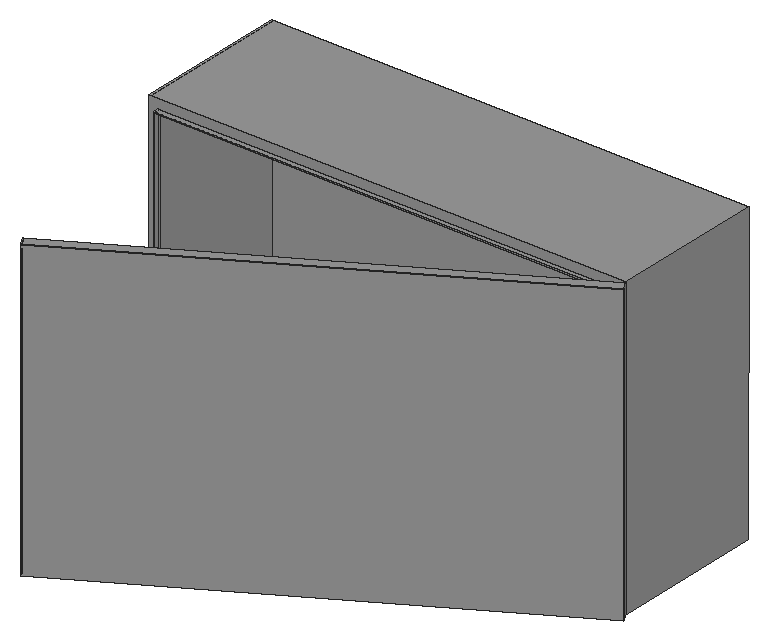
Revit family "Hager-Univers-IP55-D275-H500-Cl.II-Steel_encl-NoHosted-DE-de", category Equipement électrique, Revit 2020
Family settings
  Configuration du panneau = Deux colonnes, circuits au sein
  Cote de connecteur circulaire = Utiliser le diamètre
  Type d'élément = Tableau de raccordement
  Basée sur le plan de construction = Oui
  Toujours verticalement = Oui
  Couper avec des vides une fois chargée = Non
  Partagée = Non
  Point de calcul de pièce = Non
Parameters (values of type "Aufputz IP55 B800 H500 T275  - FR33S")
  Width Control [instance] = if([EF000008 - Breite] > Min Width, [EF000008 - Breite], Min Width)  # 800 mm
  Commentaires du type = [HG000003 - Bereich]  # "Univers"
  Thickness Door [instance] = if([EF009171 - Materialstärke Tür/Deckel] > 3 mm, 3 mm, [EF009171 - Materialstärke Tür/Deckel])  # 1.5 mm
  Seal Frame Offset [instance] = 17 mm  # constant formula
  Plinth Visibility [instance] = [HG000027 - Sockelhöhe] > 0 mm  # no
  Min Width [instance] = 100 mm  # constant formula
  Min Depth [instance] = (2 * [EF009170 - Materialstärke Gehäuse]) + 1 mm  # 4 mm
  Min Height [instance] = 100 mm  # constant formula
  Internal Frame Depth [instance] = (Door System Depth * 0.5)  # 9 mm
  Panel Name [instance] = ""  # (empty or 0)
  Model = ""
  HG000027 - Sockelhöhe = 0 mm
  HG000026 - Stehend auf dem Boden = no
  HG000024 - Höhe des unteren Teils = 600 mm
  HG000023 - Gehäuse mit doppeltem Querschnitt = no
  HG000016 - 3D-Türsichtbarkeit [instance] = yes
  HG000015 - Sichtbarkeit der Türöffnung [instance] = no
  HG000014 - Tür rechts [instance] = yes
  HG000013 - Tür links [instance] = not([HG000014 - Tür rechts])  # no
  HG000012 - Türschwenkwinkel [instance] = 30.00°
  HG000010 - Asymmetrische Türen = no
  HG000009 - Doppelflügeligen Tür = no
  HG000006 - Unterputz = no
  HG000004 - Herstellerreferenz = "FR33S"
  HG000003 - Bereich = "Univers"
  HG000002 - Mit tür = yes
  Frame Offset Bottom [instance] = 10 mm  # constant formula
  Frame Offset [instance] = 15 mm  # constant formula
  EF015940 - Deckel mit Überdruckentlastung = no
  EF011959 - Schutzart (NEMA) = ""
  EF009554 - Anzahl der Öffnungen für Flanschplatten = 6
  EF009212 - Ausführung Deckel = "EV000116 - geschlossen"
  EF009171 - Materialstärke Tür/Deckel = 1.5 mm
  EF009170 - Materialstärke Gehäuse = 1.5 mm
  EF008873 - Nennstrom (In) = 800 A
  EF007800 - Geeignet für Blitzschutz = no
  EF006306 - Mit Schloss = no
  EF006244 - Transparenter Deckel/Tür = no
  EF005474 - Schutzart (IP) = "EV006420 - IP55"
  EF004464 - Art der Tür = "EV002646 - Einzel"
  EF004427 - Anzahl der Module = 108
  EF004293 - Schlagfestigkeit = "EV008784 - IK10"
  EF003532 - Geeignet für Außengebrauch = no
  EF002950 - Breite in Teilungseinheiten = 24
  EF001613 - Funktionserhalt = "EV000494 - ohne"
  EF001596 - Werkstoff des Gehäuses = "EV000179 - Stahl"
  EF001131 - Innentiefe = 275 mm
  EF001088 - Anbaumöglichkeit = yes
  EF000437 - Anzahl der Leitungseinführungen = 6
  EF000339 - Art der Abdeckung = "EV004216 - Tür"
  EF000266 - Anzahl der Reihen = 3
  EF000218 - Einbautiefe = 0 mm
  EF000118 - Mit Montageplatte = no
  EF000116 - RAL-Nummer = "7035"
  EF000049 - Tiefe = 275 mm
  EF000040 - Höhe = 500 mm
  EF000008 - Breite = 800 mm
  EF000007 - Farbe = "EV000270 - grau"
  EF000003 - Montageart = "EV000384 - Aufputz"
  Door System Leaf Tolerance [instance] = 1.5 mm  # constant formula
  Door System Depth [instance] = 18 mm  # constant formula
  Door Height [instance] = Height Control - [HG000027 - Sockelhöhe]  # 500 mm
  Description = ""
  Default Elevation = 1219.2 mm
  Connector Offset [instance] = Height Control / 2  # 250 mm
  Fabricant = "Hager"  # constant formula
  Height Control [instance] = if([EF000040 - Höhe] > Min Height, [EF000040 - Höhe], Min Height)  # 500 mm
  Depth Control [instance] = if([EF000049 - Tiefe] > Min Depth, [EF000049 - Tiefe], Min Depth)  # 275 mm
  Bottom Top Plate Trim [instance] = 1.5 mm  # constant formula
  Plinth height Ctrl [instance] = if([HG000027 - Sockelhöhe] > 0 mm, [HG000027 - Sockelhöhe], 12 mm)  # 12 mm
Types (5, lengths in mm): name | Width Control | HG000010 - Asymmetrische Türen | HG000009 - Doppelflügeligen Tür | HG000004 - Herstellerreferenz | EF009554 - Anzahl der Öffnungen für Flanschplatten | EF004464 - Art der Tür | EF004427 - Anzahl der Module | EF000437 - Anzahl der Leitungseinführungen | EF000008 - Breite
  Aufputz IP55 B1050 H500 T275  - FR34S | 1050 | no | yes | "FR34S" | 8 | "EV003602 - Doppel" | 144 | 8 | 1050
  Aufputz IP55 B1300 H500 T275  - FR35S | 1300 | yes | yes | "FR35S" | 10 | "EV003602 - Doppel" | 180 | 10 | 1300
  Aufputz IP55 B300 H500 T275  - FR31S | 300 | no | no | "FR31S" | 2 | "EV002646 - Einzel" | 36 | 2 | 300
  Aufputz IP55 B550 H500 T275  - FR32S | 550 | no | no | "FR32S" | 4 | "EV002646 - Einzel" | 72 | 4 | 550
  Aufputz IP55 B800 H500 T275  - FR33S | 800 | no | no | "FR33S" | 6 | "EV002646 - Einzel" | 108 | 6 | 800
Reference planes
  plane 1 "Center (Front/Back)": y = 0
  plane 2: z = 0
  plane 3 "Center (Left/Right)": x = 0
  plane 4: y = 0
  plane 5: y = 0
  plane 6: z = 0
  plane 7: x = -400
  plane 8: x = 400
  plane 9: x = 398.5
  plane 10: x = -398.5
  plane 11: z = 0
  plane 12: z = 1.5
  plane 13: y = -275
  plane 14: y = -1.5
  plane 15: x = 0
  plane 16: y = -257
  plane 17: y = -273.5
  plane 18: y = -255.5
  plane 19: x = -383.5
  plane 20: x = 383.5
  plane 21: z = 11.5
  plane 22: x = -383
  plane 23: x = 383
  plane 24: z = 0
  plane 25: z = 500
  plane 26: z = 500
  plane 27: z = 483.5
  plane 28: z = 498.5
Forms (mm)
  Extrusion 1, solid, material "Hager_Steel_RAL7035_Light_Grey", detail levels medium+fine
    sketch origin (-208.679, -4572, 0) x (-1, 0, 0) y (0, -1, 0)
      loop
        line (191.321, -4315) -> (-608.679, -4315) -> (-608.679, -4572) -> (191.321, -4572) -> (191.321, -4315)
    from 0 to 500
  Extrusion 2, void
    sketch origin (-350.771, -275, 1219.2) x (1, 0, 0) y (0, 0, 1)
      loop
        line (-47.729, -720.7) -> (-47.729, -1217.7) -> (749.271, -1217.7) -> (749.271, -720.7) -> (-47.729, -720.7)
    from -19.5 to -273.5
  Extrusion 3, void
    sketch origin (-290.084, -257, 1219.2) x (1, 0, 0) y (0, 0, 1)
      loop
        line (-93.416, -1207.7) -> (673.584, -1207.7) -> (673.584, -735.7) -> (-93.416, -735.7) -> (-93.416, -1207.7)
    from 0 to -1.5
  Extrusion 4, solid, material "Hager_Steel_RAL7035_Light_Grey", visible <- "Plinth Visibility", detail levels medium+fine
    sketch origin (0, 0, 0) x (1, 0, 0) y (0, 1, 0)
      loop
        line (-400, 0) -> (-400, -257) -> (400, -257) -> (400, 0) -> (-400, 0)
    from 0 to 12 <- "Plinth height Ctrl"
  Extrusion 5, solid, material "Hager_Steel_RAL7035_Light_Grey", detail levels coarse
    sketch origin (0, 0, 0) x (1, 0, 0) y (0, 1, 0)
      loop
        line (-400, 0) -> (-400, -275) -> (400, -275) -> (400, 0) -> (-400, 0)
    from 0 to 500 <- "Height Control"
  Sweep 6, void
    path in 3D
      loop
        line (-400, -257, 12) -> (400, -257, 12) -> (400, 0, 12) -> (-400, 0, 12) -> (-400, -257, 12)
    profile origin (-400, -128.5, 12) x (1, 0, 0) y (0, 0, 1)
      loop
        line (0, 0) -> (0, -1.5) -> (1.5, -1.5)
        arc (1.5, -1.5) -> (1.061, -0.439) -> (0, 0) r 1.5
  Extrusion 7, solid, material "Hager_Steel_RAL7035_Light_Grey", detail levels fine
    sketch origin (-400, -257, 0) x (1, 0, 0) y (0, 0, 1)
      loop
        line (16.5, 11.5) -> (783.5, 11.5) -> (783.5, 483.5) -> (16.5, 483.5) -> (16.5, 11.5)
      loop
        line (15, 10) -> (785, 10) -> (785, 485) -> (15, 485) -> (15, 10)
    from 0 to 9 <- "Internal Frame Depth"
Cuts and joins
  Extrusion 2, Extrusion 3 cuts Extrusion 1
  Sweep 6 cuts Extrusion 4
Lines and regions (mm)
  Masking region 1
    outline origin (0, 0, 0) x (1, 0, 0) y (0, 1, 0)
      loop
        line (-400, 0) -> (-400, -275) -> (400, -275) -> (400, 0) -> (-400, 0)
  Masking region 2, detail levels coarse
    outline origin (-290.084, -257, 1219.2) x (-1, 0, 0) y (0, 0, 1)
      loop
        line (-690.084, -1219.2) -> (109.916, -1219.2) -> (109.916, -719.2) -> (-690.084, -719.2) -> (-690.084, -1219.2)
  Masking region 3, detail levels coarse
    outline origin (0, 0, 0) x (0, 1, 0) y (0, 0, 1)
      loop
        line (0, 0) -> (0, 500) -> (-275, 500) -> (-275, 0) -> (0, 0)
  Masking region 4, visible <- "Plinth Visibility", detail levels medium+fine
    outline origin (0, 0, 0) x (0, 1, 0) y (0, 0, 1)
      loop
        line (-1.5, 12) -> (-255.5, 12)
        arc (-255.5, 12) -> (-255.939, 10.939) -> (-257, 10.5) r 1.5
        line (-257, 10.5) -> (-257, 0) -> (0, 0) -> (0, 10.5)
        arc (0, 10.5) -> (-1.061, 10.939) -> (-1.5, 12) r 1.5
  Masking region 5, detail levels medium+fine
    outline origin (0, 0, 594.038) x (0, 1, 0) y (0, 0, 1)
      loop
        line (0, -594.038) -> (0, -94.038) -> (-257, -94.038) -> (-257, -594.038) -> (0, -594.038)
  Masking region 6, detail levels medium+fine
    outline origin (-359.7, -257, 1211.883) x (-1, 0, 0) y (0, 0, 1)
      loop
        line (-759.7, -1211.883) -> (40.3, -1211.883) -> (40.3, -711.883) -> (-759.7, -711.883) -> (-759.7, -1211.883)
  Masking region 7, visible <- "Plinth Visibility", detail levels medium+fine
    outline origin (-320.334, -257, 1041.368) x (-1, 0, 0) y (0, 0, 1)
      loop
        line (-720.334, -1041.368) -> (79.666, -1041.368) -> (79.666, -1030.868)
        arc (79.666, -1030.868) -> (78.606, -1030.429) -> (78.166, -1029.368) r 1.5
        line (78.166, -1029.368) -> (-718.834, -1029.368)
        arc (-718.834, -1029.368) -> (-719.273, -1030.429) -> (-720.334, -1030.868) r 1.5
        line (-720.334, -1030.868) -> (-720.334, -1041.368)
  sketch lines
    curve 1: line (-400, 0, 12) -> (-400, -257, 12)
    curve 2: line (-400, -257, 12) -> (400, -257, 12)
    curve 3: line (400, 0, 12) -> (-400, 0, 12)
    curve 4: line (400, -257, 12) -> (400, 0, 12)
Dimensions and locks
  locked: plane 1 "Center (Front/Back)" to plane 5
  "EF009170 - Materialstärke Gehäuse": plane 7 to plane 10
  "EF009170 - Materialstärke Gehäuse": plane 8 to plane 9
  equal spacing: plane 7, plane 3 "Center (Left/Right)", plane 8
  "Width Control": plane 7 to plane 8
  "Depth Control": plane 4 to plane 13
  "EF009170 - Materialstärke Gehäuse": plane 4 to plane 14
  "Height Control": plane 25 to level
  "HG000027 - Sockelhöhe": plane 11 to level
  "EF009170 - Materialstärke Gehäuse": plane 12 to plane 11
  "EF009170 - Materialstärke Gehäuse": plane 17 to plane 13
  "EF009170 - Materialstärke Gehäuse": plane 18 to plane 16
  "Frame Offset Bottom": plane 21 to plane 12
  "Frame Offset": plane 10 to plane 19
  "Frame Offset": plane 9 to plane 20
  "Door System Depth": plane 16 to plane 13
  "Seal Frame Offset": plane 7 to plane 22
  "Seal Frame Offset": plane 8 to plane 23
  "EF009170 - Materialstärke Gehäuse": plane 26 to plane 28
  "Frame Offset": plane 28 to plane 27
  "Connector Offset": plane 2 to connector elem
  "Bottom Top Plate Trim": profile plane to Sweep 6 sketch curve
  "Bottom Top Plate Trim": Sweep 6 sketch curve to Sweep 6 sketch curve
  "Plinth height Ctrl": Masking region 4 sketch curve to level
  "Plinth height Ctrl": Masking region 7 sketch curve to level
  "Thickness Door": Extrusion 7 sketch curve to Extrusion 7 sketch curve  (x4)
  "Bottom Top Plate Trim": radius of Sweep 6 sketch curve
  "Bottom Top Plate Trim": radius of Masking region 4 sketch curve  (x2)
  "Bottom Top Plate Trim": radius of Masking region 7 sketch curve  (x2)
  aligned and locked: Extrusion 2 sketch curve to plane 12
  aligned and locked: Extrusion 2 sketch curve to plane 9
  aligned and locked: Extrusion 2 sketch curve to plane 10
  aligned and locked: Extrusion 2 to plane 14
  aligned and locked: Extrusion 1 sketch curve to plane 4
  aligned and locked: plane 8 to Extrusion 1 sketch curve
  aligned and locked: plane 7 to Extrusion 1 sketch curve
  aligned and locked: Extrusion 2 to plane 18
  aligned and locked: plane 19 to Extrusion 3 sketch curve
  aligned and locked: plane 20 to Extrusion 3 sketch curve
  aligned and locked: Extrusion 3 to Extrusion 2
  aligned and locked: Extrusion 3 sketch curve to plane 21
  aligned and locked: plane 3 "Center (Left/Right)" to nested 1
  aligned and locked: Extrusion 1 sketch curve to plane 16
  aligned and locked: Extrusion 4 sketch curve to cut or joined group of Extrusion 1, Extrusion 2, Extrusion 3
  aligned and locked: Masking region 1 sketch curve to plane 7
  aligned and locked: Masking region 1 sketch curve to plane 5
  aligned and locked: Masking region 1 sketch curve to plane 8
  aligned and locked: Masking region 2 sketch curve to level
  aligned and locked: level to Masking region 3 sketch curve
  aligned and locked: plane 1 "Center (Front/Back)" to Masking region 3 sketch curve
  aligned and locked: plane 13 to Masking region 3 sketch curve
  aligned and locked: plane 5 to Masking region 4 sketch curve
  aligned and locked: Masking region 2 sketch curve to plane 8
  aligned and locked: Masking region 2 sketch curve to plane 7
  aligned and locked: plane 7 to nested 2
  aligned and locked: nested 2 to plane 5
  aligned and locked: plane 5 to Masking region 5 sketch curve
  aligned and locked: plane 26 to Masking region 5 sketch curve
  aligned and locked: Extrusion 5 sketch curve to plane 8
  aligned and locked: Extrusion 5 sketch curve to plane 7
  aligned and locked: Extrusion 5 sketch curve to plane 5
  aligned and locked: Extrusion 3 sketch curve to plane 27
  aligned and locked: Extrusion 2 sketch curve to plane 28
  aligned and locked: Masking region 2 to plane 25
  aligned and locked: Extrusion 4 to plane 16
  aligned and locked: profile plane to Sweep 6 sketch curve
  aligned and locked: Masking region 5 sketch curve to plane 24
  aligned and locked: level to Masking region 4 sketch curve
  aligned and locked: Masking region 1 to plane 13
  aligned and locked: nested 1 to plane 16
  aligned and locked: Masking region 3 to plane 25
  aligned and locked: plane 16 to Masking region 4 sketch curve
  aligned and locked: Masking region 5 sketch curve to plane 16
  aligned and locked: plane 24 to plane 11
  aligned and locked: plane 26 to plane 25
  aligned and locked: plane 26 to cut or joined group of Extrusion 1, Extrusion 2, Extrusion 3
  aligned and locked: nested 1 to plane 24
  aligned and locked: Extrusion 1 to Extrusion 3
  aligned and locked: Masking region 6 sketch curve to plane 8
  aligned and locked: Masking region 6 sketch curve to plane 24
  aligned and locked: Masking region 6 sketch curve to plane 7
  aligned and locked: Masking region 6 sketch curve to plane 26
  aligned and locked: Masking region 7 sketch curve to plane 7
  aligned and locked: level to Masking region 7 sketch curve
  aligned and locked: Masking region 7 sketch curve to plane 8
  aligned and locked: Extrusion 7 sketch curve to cut or joined group of Extrusion 1, Extrusion 2, Extrusion 3  (x4)
Automatic sketch dimensions
  plane 19 to Extrusion 3 sketch curve = 0 mm
  Extrusion 3 sketch curve to plane 20 = 0 mm
  Extrusion 3 sketch curve to plane 21 = 0 mm
  Extrusion 4 sketch curve to plane 7 = 0 mm
  Extrusion 4 sketch curve to plane 8 = 0 mm
  Extrusion 4 sketch curve to plane 16 = 0 mm
  Masking region 1 sketch curve to plane 13 = 0 mm
  Masking region 2 sketch curve to plane 25 = 0 mm
  Masking region 3 sketch curve to plane 25 = 0 mm
  Extrusion 5 sketch curve to plane 13 = 0 mm
  profile plane to Sweep 6 sketch curve = 0 mm
Nested families
  nested 1: "EC000058_Univers_Door" at (0, -257, 0), Double <- "HG000009 - Doppelflügeligen Tür", Transparent <- "EF006244 - Transparenter Deckel/Tür", Angle <- "HG000012 - Türschwenkwinkel", Door_Right <- "HG000014 - Tür rechts", Assymetrical <- "HG000010 - Asymmetrische Türen", Door <- "HG000002 - Mit tür", Width_Ctrl <- "Width Control", 3d_Door <- "HG000016 - 3D-Türsichtbarkeit", Clearance <- "HG000015 - Sichtbarkeit der Türöffnung", Door_Left <- "HG000013 - Tür links", Width <- "Width Control", Door_Depth <- "Door System Depth", Leaf_Tolerance <- "Door System Leaf Tolerance", Height <- "Door Height", Lock_Visibility <- "EF006306 - Mit Schloss", Thickness <- "Thickness Door", type "EC000058_Univers_Door", detail levels medium+fine
    with min_wh 4 mm, Width_Ctrl 800 mm, Width 800 mm, Transparent no, Thickness 1.5 mm, Seal_Material Hager_Rubber, Lock_Visibility no, Lock_Material Hager_Plastic_RAL9005_Jet_Black, Leaf_Width 800 mm, Leaf_Tolerance_External_Sides 0 mm, Leaf_Tolerance 1.5 mm, Leaf_Offset 0 mm, Leaf_Height 497 mm, Leaf_2_Width 800 mm, Leaf_2_Offset 400 mm, Leaf_1_Width 800 mm, Leaf_1_Offset 400 mm, Height_Ctrl 500 mm, Height 500 mm, Glass_Material Hager_Glass, Double_Clearance_Ctrl no, Double no, Door_Right_Ctrl yes, Door_Right yes, Door_Material Hager_Steel_RAL7035_Light_Grey, Door_Left_Ctrl no, Door_Left no, Door_Depth 18 mm, Door yes, Clearance_Material Hager_Clearance, Clearance_Depth 800 mm, Clearance_Ctrl no, Clearance no, Assymetrical no, Angle 30.00°, 3d_Door yes
  nested 2: "Hager_Enclosure_Symbol" at (-400, 0, 0), Height <- "Depth Control", Width <- "Width Control", type "Hager_Enclosure_Symbol"
    with Width_Ctrl 800 mm, Width 800 mm, Height_Ctrl 275 mm, Height 275 mm, A_Width_Int 18.047 mm, A_Width 216.562 mm, A_Height_Ctrl 240.625 mm, A_Height 240.625 mm
Connectors
  electrical at (0, 0, 250)
    settings: on plane 1 "Center (Front/Back)", index 1, voltage 0 V, apparent load 0 VA, apparent load phase1 0 VA, apparent load phase2 0 VA, apparent load phase3 0 VA, power factor 1, load classification "Other", number of poles 1, system type 30, power factor state 1, is connector primary yes, connector utility no, sub classification motor no, connector description ""
Definition of nested family "EC000058_Univers_Door"
  Parameters (values of type "EC000058_Univers_Door")
    min_wh [instance] = (2 * Thickness) + 1 mm  # 11 mm
    Width_Ctrl [instance] = 400 mm
    Width [instance] = 500 mm
    Transparent [instance] = yes
    Thickness [instance] = 5 mm
    Seal_Material [instance] = none
    Lock_Visibility [instance] = yes
    Lock_Material [instance] = none
    Leaf_Width [instance] = if((Width_Ctrl - 2 * Leaf_Tolerance_External_Sides) > 0 mm, (Width_Ctrl - 2 * Leaf_Tolerance_External_Sides), min_wh)  # 400 mm
    Leaf_Tolerance_External_Sides [instance] = 0 mm  # constant formula
    Leaf_Tolerance [instance] = 1.5 mm
    Leaf_Offset [instance] = 0 mm  # constant formula
    Leaf_Height [instance] = if((Height_Ctrl - 2 * Leaf_Tolerance) > 0 mm, (Height_Ctrl - 2 * Leaf_Tolerance), min_wh)  # 497 mm
    Leaf_2_Width [instance] = if(and(and(Double, Assymetrical), Door_Left), (Leaf_Width / 3) - (Leaf_Tolerance / 2), if(and(and(Double, Assymetrical), Door_Right), (Leaf_Width / 3) * 2 - (Leaf_Tolerance / 2), if(and(Double, not(Assymetrical)), (Leaf_Width / 2) - Leaf_Tolerance, Leaf_Width)))  # 400 mm
    Leaf_2_Offset [instance] = if(and(Double, Assymetrical), Leaf_2_Width / 2, if(and(Double, not(Assymetrical)), Leaf_Width / 4, Leaf_Width / 2))  # 200 mm
    Leaf_1_Width [instance] = if(and(and(Double, Assymetrical), Door_Right), (Leaf_Width / 3) - (Leaf_Tolerance / 2), if(and(and(Double, Assymetrical), Door_Left), (Width / 3) * 2 - (Leaf_Tolerance / 2), if(and(Double, not(Assymetrical)), (Leaf_Width / 2) - Leaf_Tolerance, Leaf_Width)))  # 400 mm
    Leaf_1_Offset [instance] = if(and(Double, Assymetrical), Leaf_1_Width / 2, if(and(Double, not(Assymetrical)), Leaf_Width / 4, Leaf_Width / 2))  # 200 mm
    Height_Ctrl [instance] = if(Height > min_wh, Height, min_wh)  # 500 mm
    Height [instance] = 500 mm
    Glass_Material [instance] = none
    Double_Clearance_Ctrl [instance] = and(Double, Clearance)  # no
    Double [instance] = no
    Door_Right_Ctrl [instance] = and(or(Door_Right, Double), Door)  # yes
    Door_Right [instance] = yes
    Door_Material [instance] = none
    Door_Left_Ctrl [instance] = and(or(Door_Left, Double), Door)  # no
    Door_Left [instance] = no
    Door_Depth [instance] = 30 mm
    Door [instance] = yes
    Default Elevation = 1219.2 mm
    Clearance_Material [instance] = none
    Clearance_Depth [instance] = if(Leaf_1_Width > Leaf_2_Width, Leaf_1_Width, Leaf_2_Width)  # 400 mm
    Clearance_Ctrl [instance] = and(not(Double), Clearance)  # yes
    Clearance [instance] = yes
    Assymetrical [instance] = yes
    Angle [instance] = 30.00°
    3d_Door [instance] = yes
  Reference planes
    plane 1 "Center (Front/Back)": y = 0
    plane 2 "Bottom": z = 0
    plane 3 "Center (Left/Right)": x = 0
    plane 4: z = 500
    plane 5: x = -200
    plane 6: x = 200
    plane 7: z = 500
    plane 8: x = -200
    plane 9: z = 0
    plane 10: x = 200
    plane 11: y = 0
    plane 12: z = 1.5
    plane 13: x = -600
    plane 14: y = -400
    plane 15: x = 600
    plane 16: x = 0
    plane 17: x = 0
    plane 18: x = -200
    plane 19: x = 200
    plane 20: z = 498.5
  Forms (mm)
    Extrusion 1, solid, material <- "Clearance_Material", visible <- "Double_Clearance_Ctrl"
      sketch origin (1200, 0, 0) x (1, 0, 0) y (0, 0, -1)
        loop
          line (-1800, -498.5) -> (-600, -498.5) -> (-600, 0) -> (-1800, 0) -> (-1800, -498.5)
      from 0 to -400
  Dimensions and locks
    equal spacing: plane 5, plane 3 "Center (Left/Right)", plane 6
    "Width_Ctrl": plane 5 to plane 6
    "Leaf_Offset": plane 5 to plane 8
    "Leaf_Offset": plane 6 to plane 10
    "Leaf_Offset": plane 9 to level
    "Leaf_Offset": plane 4 to plane 7
    "Height_Ctrl": plane 4 to level
    "Leaf_Tolerance": plane 12 to plane 9
    locked: plane 11 to plane 1 "Center (Front/Back)"
    "Leaf_1_Offset": plane 18 to plane 16
    "Leaf_2_Offset": plane 17 to plane 19
    "Leaf_1_Width": plane 13 to plane 8
    "Leaf_2_Width": plane 10 to plane 15
    "Clearance_Depth": plane 14 to plane 1 "Center (Front/Back)"
    "Leaf_Tolerance_External_Sides": plane 8 to plane 18
    "Leaf_Tolerance_External_Sides": plane 19 to plane 10
    "Leaf_Tolerance": plane 7 to plane 20
    aligned and locked: level to plane 2 "Bottom"
    aligned and locked: nested 1 to plane 16
    aligned and locked: nested 2 to plane 17
    aligned and locked: Extrusion 1 to plane 13
    aligned and locked: plane 15 to Extrusion 1
    aligned and locked: Extrusion 1 to plane 14
    aligned and locked: plane 12 to nested 1
    aligned and locked: nested 2 to plane 12
    aligned and locked: Extrusion 1 to plane 11
    aligned and locked: plane 20 to Extrusion 1
    aligned and locked: nested 2 to plane 11
    aligned and locked: nested 1 to plane 11
  Automatic sketch dimensions
    Extrusion 1 sketch curve to level = 0 mm
    plane 5 to Extrusion 1 sketch curve = 400 mm
    plane 6 to Extrusion 1 sketch curve = 400 mm
    Extrusion 1 sketch curve to plane 4 = 1.5 mm
  Nested families
    nested 1: "EC000058_Univers_Door_Leaf" at (0, 0, 1.5), Width <- "Leaf_1_Width", visible <- "Door_Left_Ctrl", Leaf_Height <- "Leaf_Height", Angle <- "Angle", 3d_Door <- "3d_Door", Transparent <- "Transparent", Clearance Material <- "Clearance_Material", Clearance <- "Clearance_Ctrl", Door_Material <- "Door_Material", Glass_Material <- "Glass_Material", Door_Depth <- "Door_Depth", Lock_Material <- "Lock_Material", Seal_Material <- "Seal_Material", Lock_Visibility <- "Lock_Visibility", Thickness <- "Thickness", type "EC000058_Univers_Door_Leaf"
      with Width 400 mm, Transparent_Glass_Offset 30 mm, Transparent_Ctrl yes, Transparent yes, Thickness 5 mm, Standard no, Seal_Material none, Seal_D2 8 mm, Seal_D1 1 mm, Offset_Internal_Frame 10 mm, Lock_Width 20 mm, Lock_Visibility_3d yes, Lock_Visibility yes, Lock_Thickness_3 3 mm, Lock_Thickness_2 1 mm, Lock_Thickness_1 3 mm, Lock_Radius_Offset_2 16 mm, Lock_Radius_Offset_1 15 mm, Lock_Radius_2 5 mm, Lock_Radius 6 mm, Lock_Offset 5 mm, Lock_Material none, Lock_Height 80 mm, Lock_Cover_Top_Offset_2d 17 mm, Lock_Cover_Height -65 mm, Leaf_Height 497 mm, Internal_Seal_Thickness 8 mm, Internal_Seal_Depth_2 4.5 mm, Internal_Frame_Depth 25 mm, Glass_Thickness -1 mm, Glass_Offset -2 mm, Glass_Material none, Door_Material none, Door_Depth 30 mm, Clearance Material none, Clearance yes, Angle_Ctrl 30.00°, Angle 30.00°, 3d_Door yes
    nested 2: "EC000058_Univers_Door_Leaf" at (0, 0, 1.5) x (-1, 0, 0) z (0, 0, 1), Width <- "Leaf_2_Width", visible <- "Door_Right_Ctrl", Leaf_Height <- "Leaf_Height", Angle <- "Angle", 3d_Door <- "3d_Door", Transparent <- "Transparent", Clearance Material <- "Clearance_Material", Clearance <- "Clearance_Ctrl", Door_Material <- "Door_Material", Glass_Material <- "Glass_Material", Door_Depth <- "Door_Depth", Lock_Material <- "Lock_Material", Seal_Material <- "Seal_Material", Lock_Visibility <- "Lock_Visibility", Thickness <- "Thickness", type "EC000058_Univers_Door_Leaf"
      with Width 400 mm, Transparent_Glass_Offset 30 mm, Transparent_Ctrl yes, Transparent yes, Thickness 5 mm, Standard no, Seal_Material none, Seal_D2 8 mm, Seal_D1 1 mm, Offset_Internal_Frame 10 mm, Lock_Width 20 mm, Lock_Visibility_3d yes, Lock_Visibility yes, Lock_Thickness_3 3 mm, Lock_Thickness_2 1 mm, Lock_Thickness_1 3 mm, Lock_Radius_Offset_2 16 mm, Lock_Radius_Offset_1 15 mm, Lock_Radius_2 5 mm, Lock_Radius 6 mm, Lock_Offset 5 mm, Lock_Material none, Lock_Height 80 mm, Lock_Cover_Top_Offset_2d 17 mm, Lock_Cover_Height -65 mm, Leaf_Height 497 mm, Internal_Seal_Thickness 8 mm, Internal_Seal_Depth_2 4.5 mm, Internal_Frame_Depth 25 mm, Glass_Thickness -1 mm, Glass_Offset -2 mm, Glass_Material none, Door_Material none, Door_Depth 30 mm, Clearance Material none, Clearance yes, Angle_Ctrl 30.00°, Angle 30.00°, 3d_Door yes
  Definition of nested family "EC000058_Univers_Door_Leaf"
    Parameters (values of type "EC000058_Univers_Door_Leaf")
      Width [instance] = 2000 mm
      Transparent_Glass_Offset [instance] = 30 mm
      Transparent_Ctrl [instance] = and(Transparent, [3d_Door])  # yes
      Transparent [instance] = yes
      Thickness [instance] = 5 mm
      Standard [instance] = and(not(Transparent), [3d_Door])  # no
      Seal_Material [instance] = none
      Seal_D2 [instance] = 8 mm  # constant formula
      Seal_D1 [instance] = 1 mm  # constant formula
      Offset_Internal_Frame [instance] = 10 mm  # constant formula
      Lock_Width [instance] = 20 mm  # constant formula
      Lock_Visibility_3d [instance] = and(Lock_Visibility, [3d_Door])  # yes
      Lock_Visibility [instance] = yes
      Lock_Thickness_3 [instance] = 3 mm  # constant formula
      Lock_Thickness_2 [instance] = 1 mm  # constant formula
      Lock_Thickness_1 [instance] = 3 mm  # constant formula
      Lock_Radius_Offset_2 [instance] = Lock_Radius_Offset_1 + 1 mm  # 16 mm
      Lock_Radius_Offset_1 [instance] = 15 mm  # constant formula
      Lock_Radius_2 [instance] = Lock_Radius - 1 mm  # 5 mm
      Lock_Radius [instance] = 6 mm  # constant formula
      Lock_Offset [instance] = 5 mm  # constant formula
      Lock_Material [instance] = none
      Lock_Height [instance] = 80 mm  # constant formula
      Lock_Cover_Top_Offset_2d [instance] = Lock_Radius_Offset_2 + 1 mm  # 17 mm
      Lock_Cover_Height [instance] = -(Lock_Height - Lock_Radius_Offset_1)  # -65 mm
      Leaf_Height [instance] = 2720.336 mm
      Internal_Seal_Thickness [instance] = 8 mm  # constant formula
      Internal_Seal_Depth_2 [instance] = 4.5 mm  # constant formula
      Internal_Frame_Depth [instance] = if(Door_Depth - Thickness > 5 mm, Door_Depth - Thickness, 5 mm)  # 25 mm
      Glass_Thickness [instance] = if(Thickness > 15 mm, Glass_Offset + 10 mm, -1 mm)  # -1 mm
      Glass_Offset [instance] = if(Thickness > 15 mm, -(Thickness + 10 mm) / 2, -2 mm)  # -2 mm
      Glass_Material [instance] = none
      Door_Material [instance] = none
      Door_Depth [instance] = 30 mm
      Default Elevation = 0 mm
      Clearance Material [instance] = none
      Clearance [instance] = yes
      Angle_Ctrl [instance] = if(Angle > 180.00°, 180.00°, Angle)  # 90.00°
      Angle [instance] = 90.00°
      3d_Door [instance] = yes
    Reference planes
      plane 1 "Center (Front/Back)": y = 0
      plane 2: z = 0
      plane 3 "Center (Left/Right)": x = 0
      plane 4: y = 2000
      plane 5: x = -1000
      plane 6: x = 1000
      plane 7: x = -3000
      plane 8: z = 2720.336
      plane 9: z = 30
      plane 10: z = 2690.336
      plane 11: x = 970
      plane 12: x = -970
      plane 13: y = -3
      plane 14: z = 107.833
      plane 15: y = -5
      plane 16: y = -223.314
      plane 17: x = -1000
      plane 18: z = 1360.168
      plane 19: y = 30
    Forms (mm)
      Extrusion 1, solid, material <- "Clearance Material", visible <- "Clearance"
        sketch origin (0, 0, 0) x (1, 0, 0) y (0, 0, 1)
          loop
            line (-3000, 2720.336) -> (-3000, 0) -> (1000, 0) -> (1000, 2720.336) -> (-3000, 2720.336)
        from 0 to -2000
      Extrusion 2, solid, material <- "Door_Material", visible <- "Standard", detail levels medium+fine
        sketch origin (-1000, 0, 0) x (0, 1, 0) y (-1, 0, 0)
          loop
            line (0, 30) -> (0, 25) -> (2000, 25) -> (2000, 30) -> (0, 30)
        from 0 to 2720.336 <- "Leaf_Height"
      Extrusion 3, solid, material <- "Door_Material", visible <- "Transparent_Ctrl", detail levels medium+fine
        sketch origin (-1000, 0, 0) x (0, 1, 0) y (-1, 0, 0)
          loop
            line (0, 25) -> (2000, 25) -> (2000, 30) -> (0, 30) -> (0, 25)
        from 0 to 2720.336 <- "Leaf_Height"
      Extrusion 4, void
        sketch origin (-1025, 2000, 0) x (0, 1, 0) y (0, 0, -1)
          loop
            line (-30, -2690.336) -> (-30, -30) -> (-1970, -30) -> (-1970, -2690.336) -> (-30, -2690.336)
        from 0 to 5 <- "Thickness"
      Sweep 5, solid, material <- "Seal_Material", visible <- "Transparent_Ctrl", detail levels fine
        path in 3D
          loop
            line (-1025, 30, 30) -> (-1025, 30, 2690.336) -> (-1025, 1970, 2690.336) -> (-1025, 1970, 30) -> (-1025, 30, 30)
        profile origin (-1025, 1000, 30) x (1, 0, 0) y (0, 0, 1)
          loop
            line (0, 0) -> (0, -8) -> (1, -8) -> (1, 0) -> (0, 0)
      Extrusion 6, solid, material <- "Glass_Material", visible <- "Transparent_Ctrl", detail levels medium+fine
        sketch origin (-1030, 0, 0) x (0, 1, 0) y (0, 0, -1)
          loop
            line (1970, -2690.336) -> (1970, -30) -> (30, -30) -> (30, -2690.336) -> (1970, -2690.336)
        from -2 <- "Glass_Offset" to -1 <- "Glass_Thickness"
      Extrusion 7, solid, material <- "Door_Material", visible <- "3d_Door", detail levels medium+fine
        sketch origin (-1025, 2000, 0) x (0, -1, 0) y (0, 0, -1)
          loop
            line (0, -2720.336) -> (2000, -2720.336) -> (2000, 0) -> (0, 0) -> (0, -2720.336)
          loop
            line (1995, -5) -> (5, -5) -> (5, -2715.336) -> (1995, -2715.336) -> (1995, -5)
        from 0 to 25 <- "Internal_Frame_Depth"
      Sweep 8, solid, material <- "Seal_Material", visible <- "Transparent_Ctrl", detail levels fine
        path in 3D
          loop
            line (-1025, 0, 0) -> (-1025, 2000, 0) -> (-1025, 2000, 2720.336) -> (-1025, 0, 2720.336) -> (-1025, 0, 0)
        profile origin (-1025, 0, 1360.168) x (1, 0, 0) y (0, 1, 0)
          loop
            line (0, 10) -> (2.975, 10)
            arc (2.975, 10) -> (4.053, 10.447) -> (4.5, 11.525) r 1.525
            line (4.5, 11.525) -> (4.5, 16.527)
            arc (4.5, 16.527) -> (4.069, 17.569) -> (3.027, 18) r 1.473
            line (3.027, 18) -> (0, 18) -> (0, 10)
      Extrusion 9, solid, material <- "Lock_Material", visible <- "Lock_Visibility_3d", detail levels fine
        sketch origin (-1030, 0, 0) x (0, 1, 0) y (0, 0, -1)
          loop
            arc (1993.5, -1400.168) -> (1994.561, -1399.729) -> (1995, -1398.668) r 1.5
            line (1995, -1398.668) -> (1995, -1320.168) -> (1975, -1320.168) -> (1975, -1398.668)
            arc (1975, -1398.668) -> (1975.439, -1399.729) -> (1976.5, -1400.168) r 1.5
            line (1976.5, -1400.168) -> (1993.5, -1400.168)
        from 3 <- "Lock_Thickness_1" to 0
      Blend 10, solid, material <- "Lock_Material", visible <- "Lock_Visibility_3d", detail levels fine
        base sketch origin (-1033, 0, 0) x (0, 1, 0) y (0, 0, -1)
          loop
            line (1975, -1320.168) -> (1975, -1398.668)
            arc (1975, -1398.668) -> (1975.439, -1399.729) -> (1976.5, -1400.168) r 1.5
            line (1976.5, -1400.168) -> (1993.5, -1400.168)
            arc (1993.5, -1400.168) -> (1994.561, -1399.729) -> (1995, -1398.668) r 1.5
            line (1995, -1398.668) -> (1995, -1320.168) -> (1975, -1320.168)
        top sketch origin (-1033, 0, 0) x (0, 1, 0) y (0, 0, -1)
          loop
            line (1976, -1320.168) -> (1976, -1398.668)
            arc (1976, -1398.668) -> (1976.146, -1399.022) -> (1976.5, -1399.168) r 0.5
            line (1976.5, -1399.168) -> (1993.5, -1399.168)
            arc (1993.5, -1399.168) -> (1993.854, -1399.022) -> (1994, -1398.668) r 0.5
            line (1994, -1398.668) -> (1994, -1320.168) -> (1976, -1320.168)
        from 0 to 1 <- "Lock_Thickness_2"
      Blend 11, solid, material <- "Lock_Material", visible <- "Lock_Visibility_3d", detail levels fine
        base sketch origin (-1034, 0, 0) x (0, 1, 0) y (0, 0, -1)
          loop
            line (1978, -1320.168) -> (1978, -1384.168)
            arc (1978, -1384.168) -> (1985, -1391.168) -> (1992, -1384.168) r 7
            line (1992, -1384.168) -> (1992, -1320.168) -> (1978, -1320.168)
        top sketch origin (-1034, 0, 0) x (0, 1, 0) y (0, 0, -1)
          loop
            line (1991, -1320.168) -> (1979, -1320.168) -> (1979, -1383.168)
            arc (1979, -1383.168) -> (1985, -1389.168) -> (1991, -1383.168) r 6
            line (1991, -1383.168) -> (1991, -1320.168)
        from 0 to 3 <- "Lock_Thickness_3"
      Extrusion 12, solid, material <- "Lock_Material", visible <- "Lock_Visibility_3d", detail levels fine
        sketch origin (-1030, 1975, 1320.168) x (1, 0, 0) y (0, -1, 0)
          loop
            line (-7, -19) -> (-7, -1) -> (0, -1) -> (0, 0) -> (-8, 0) -> (-8, -20) -> (0, -20) -> (0, -19) -> (-7, -19)
        from 0 to -65 <- "Lock_Cover_Height"
      Extrusion 13, void
        sketch origin (-1038, 1995, 1320.168) x (-1, 0, 0) y (0, 0, -1)
          loop
            line (-5, -65) -> (0, -65) -> (-5, -60) -> (-5, -65)
        from 0 to 20 <- "Lock_Width"
      Extrusion 14, void
        sketch origin (-1038, 1975, 1320.168) x (0, -1, 0) y (0, 0, -1)
          loop
            circle (-10, -15.995) r 6
          loop
            circle (-10, -15.995) r 5
        from 0 to 2
      Extrusion 15, solid, material <- "Lock_Material", visible <- "Lock_Visibility_3d", detail levels medium
        sketch origin (-1030, 0, 0) x (0, 1, 0) y (0, 0, -1)
          loop
            arc (1993.5, -1400.168) -> (1994.561, -1399.729) -> (1995, -1398.668) r 1.5
            line (1995, -1398.668) -> (1995, -1320.168) -> (1975, -1320.168) -> (1975, -1398.668)
            arc (1975, -1398.668) -> (1975.439, -1399.729) -> (1976.5, -1400.168) r 1.5
            line (1976.5, -1400.168) -> (1993.5, -1400.168)
        from 8 to 0
    Cuts and joins
      Extrusion 4 cuts Extrusion 3
      Extrusion 13, Extrusion 14 cuts Extrusion 9
      Extrusion 14 cuts Blend 11
      Extrusion 13, Extrusion 14 cuts Extrusion 12
      joined: Extrusion 9, Blend 10, Blend 11, Extrusion 12
      Extrusion 14 cuts Extrusion 15
    Lines and regions (mm)
      Masking region 1, visible <- "Lock_Visibility", detail levels fine
        outline origin (0, 0, 0) x (0, 1, 0) y (0, 0, 1)
          loop
            line (30, 1320.168) -> (33, 1320.168) -> (33, 1400.168) -> (30, 1400.168) -> (30, 1320.168)
      Masking region 2, visible <- "Lock_Visibility", detail levels fine
        outline origin (0, 3.143, 0) x (0, 1, 0) y (0, 0, 1)
          loop
            line (29.857, 1354.168) -> (30.857, 1354.168) -> (30.857, 1366.168) -> (29.857, 1366.168) -> (29.857, 1354.168)
      Masking region 3, detail levels medium+fine
        outline origin (0, 0, 0) x (0, 1, 0) y (0, 0, 1)
          loop
            line (0, 0) -> (30, 0) -> (30, 2720.336) -> (0, 2720.336) -> (0, 0)
      Masking region 4, detail levels medium+fine
        outline origin (0, 0, 0) x (1, 0, 0) y (0, 0, 1)
          loop
            line (-1000, 2720.336) -> (-1000, 0) -> (1000, 0) -> (1000, 2720.336) -> (-1000, 2720.336)
      Masking region 5, visible <- "Lock_Visibility", detail levels fine
        outline origin (-47.116, 0, 0) x (1, 0, 0) y (0, 0, 1)
          loop
            arc (1024.616, 1399.168) -> (1023.556, 1398.729) -> (1023.116, 1397.668) r 1.5
            line (1023.116, 1397.668) -> (1023.116, 1320.168) -> (1041.116, 1320.168) -> (1041.116, 1397.668)
            arc (1041.116, 1397.668) -> (1040.677, 1398.729) -> (1039.616, 1399.168) r 1.5
            line (1039.616, 1399.168) -> (1024.616, 1399.168)
      Masking region 6, visible <- "Lock_Visibility", detail levels medium+fine
        outline origin (-25, 0, 0) x (1, 0, 0) y (0, 0, 1)
          loop
            arc (1001.5, 1400.168) -> (1000.439, 1399.729) -> (1000, 1398.668) r 1.5
            line (1000, 1398.668) -> (1000, 1320.168) -> (1020, 1320.168) -> (1020, 1398.668)
            arc (1020, 1398.668) -> (1019.561, 1399.729) -> (1018.5, 1400.168) r 1.5
            line (1018.5, 1400.168) -> (1001.5, 1400.168)
      Masking region 7, visible <- "Lock_Visibility", detail levels fine
        outline origin (-73.735, 0, 0) x (1, 0, 0) y (0, 0, 1)
          loop
            line (1051.735, 1382.168) -> (1065.735, 1382.168) -> (1065.735, 1384.168)
            arc (1065.735, 1384.168) -> (1058.735, 1391.168) -> (1051.735, 1384.168) r 7
            line (1051.735, 1384.168) -> (1051.735, 1382.168)
      Masking region 8, visible <- "Lock_Visibility", detail levels fine
        outline origin (-73.735, 0, 0) x (1, 0, 0) y (0, 0, 1)
          loop
            line (1052.735, 1382.168) -> (1064.735, 1382.168) -> (1064.735, 1383.168)
            arc (1064.735, 1383.168) -> (1058.735, 1389.168) -> (1052.735, 1383.168) r 6
            line (1052.735, 1383.168) -> (1052.735, 1382.168)
      Masking region 9, visible <- "Lock_Visibility", detail levels fine
        outline origin (-25, 0, 0) x (1, 0, 0) y (0, 0, 1)
          loop
            line (1020, 1320.168) -> (1020, 1382.168) -> (1000, 1382.168) -> (1000, 1320.168) -> (1020, 1320.168)
      Masking region 10, detail levels medium+fine
        outline origin (0, 0, 0) x (1, 0, 0) y (0, 0, 1)
          loop
            circle (985, 1335.144) r 6
      Masking region 11, detail levels fine
        outline origin (0, 0, 0) x (1, 0, 0) y (0, 0, 1)
          loop
            circle (985, 1335.144) r 5
      Masking region 12, visible <- "Lock_Visibility", detail levels fine
        outline origin (0, 12.767, 0) x (0, 1, 0) y (0, 0, 1)
          loop
            line (20.233, 1320.168) -> (21.233, 1320.168) -> (21.233, 1399.168) -> (20.233, 1400.168) -> (20.233, 1320.168)
      Masking region 13, visible <- "Lock_Visibility", detail levels fine
        outline origin (0, 13.767, -10) x (0, 1, 0) y (0, 0, 1)
          loop
            line (20.233, 1330.168) -> (23.233, 1330.168) -> (23.233, 1399.168) -> (20.233, 1402.168) -> (20.233, 1330.168)
      Masking region 14, visible <- "Lock_Visibility", detail levels fine
        outline origin (0, 12.767, -10) x (0, 1, 0) y (0, 0, 1)
          loop
            line (20.233, 1330.168) -> (25.233, 1330.168) -> (25.233, 1399.305) -> (20.233, 1394.305) -> (20.233, 1330.168)
      Masking region 15, visible <- "Lock_Visibility", detail levels medium
        outline origin (0, 0, 0) x (0, 1, 0) y (0, 0, 1)
          loop
            line (30, 1320.168) -> (38, 1320.168) -> (38, 1400.168) -> (30, 1400.168) -> (30, 1320.168)
      Masking region 16, visible <- "Lock_Visibility", detail levels fine
        outline origin (-1000, 0, 0) x (0, 1, 0) y (-1, 0, 0)
          loop
            line (1975, 30) -> (1995, 30) -> (1995, 38) -> (1975, 38) -> (1975, 30)
          loop
            line (1979, 37) -> (1976, 37) -> (1976, 34) -> (1978, 34) -> (1979, 37)
          loop
            line (1994, 37) -> (1991, 37) -> (1992, 34) -> (1994, 34) -> (1994, 37)
      Masking region 17, visible <- "Lock_Visibility", detail levels medium
        outline origin (-1000, 0, 0) x (0, 1, 0) y (-1, 0, 0)
          loop
            line (1975, 30) -> (1995, 30) -> (1995, 38) -> (1975, 38) -> (1975, 30)
      symbolic lines
        curve 1: line (1000, 0, 0) -> (-3000, 0, 0)
        curve 2: arc (1000, 0, 0) -> (-1000, 2000, 0) -> (-3000, 0, 0) r 2000
        curve 4: line (-1030, 0, 0) -> (-1030, 2000, 0)
      reference lines
        curve 3: line (-1000, 0, 0) -> (-1000, 2000, 0)
      symbolic lines, detail levels medium+fine
        curve 5: line (-1030, 2000, 0) -> (-1025, 2000, 0)
        curve 7: line (-1025, 0, 0) -> (-1030, 0, 0)
        curve 8: line (-1025, 0, 0) -> (-1000, 0, 0)
        curve 9: line (-1000, 0, 0) -> (-1000, 2000, 0)
        curve 10: line (-1000, 2000, 0) -> (-1025, 2000, 0)
      symbolic lines, detail levels fine
        curve 6: line (-1025, 2000, 0) -> (-1025, 0, 0)
      sketch lines
        curve 11: line (-1025, 0, 2720.336) -> (-1025, 0, 0)
        curve 12: line (-1025, 2000, 0) -> (-1025, 0, 0)
        curve 13: line (-1025, 2000, 2720.336) -> (-1025, 2000, 0)
        curve 14: line (-1025, 0, 2720.336) -> (-1025, 2000, 2720.336)
        curve 15: line (-1025, 1970, 30) -> (-1025, 30, 30)
        curve 16: line (-1025, 30, 30) -> (-1025, 30, 2690.336)
        curve 17: line (-1025, 1970, 2690.336) -> (-1025, 1970, 30)
        curve 18: line (-1025, 30, 2690.336) -> (-1025, 1970, 2690.336)
      symbolic lines, visible <- "Transparent", detail levels medium+fine
        curve 19: line (-970, 0, 2690.336) -> (970, 0, 2690.336)
        curve 20: line (-970, 0, 30) -> (-970, 0, 2690.336)
        curve 21: line (970, 0, 30) -> (-970, 0, 30)
        curve 22: line (970, 0, 2690.336) -> (970, 0, 30)
    Dimensions and locks
      "Width": plane 1 "Center (Front/Back)" to plane 4
      equal spacing: plane 5, plane 3 "Center (Left/Right)", plane 6
      "Width": plane 5 to plane 6
      "Width": plane 7 to plane 5
      "Leaf_Height": plane 8 to level
      "Width": curve 5 to curve 3
      "Width": curve 3 to curve 3
      plane 8 to plane 10 = 30 mm
      plane 9 to level = 30 mm
      plane 12 to plane 5 = 30 mm
      plane 6 to plane 11 = 30 mm
      Extrusion 1 to Extrusion 4 sketch curve = 30 mm
      "Transparent_Glass_Offset": curve 3 to Extrusion 4 sketch curve
      "Transparent_Glass_Offset": Extrusion 4 sketch curve to cut or joined group of Extrusion 3, Extrusion 4  (x2)
      cut or joined group of Extrusion 3, Extrusion 4 to Extrusion 6 sketch curve = 30 mm
      "Transparent_Glass_Offset": cut or joined group of Extrusion 3, Extrusion 4 to Extrusion 4 sketch curve
      "Thickness": curve 6 to curve 4
      "Thickness": Extrusion 7 sketch curve to Extrusion 7 sketch curve  (x4)
      "Door_Depth": curve 4 to curve 3
      "Offset_Internal_Frame": profile plane to Sweep 8 sketch curve
      "Internal_Seal_Thickness": Sweep 8 sketch curve to Sweep 8 sketch curve
      "Internal_Seal_Depth_2": profile plane to Sweep 8 sketch curve
      "Seal_D1": profile plane to Sweep 5 sketch curve
      "Seal_D2": profile plane to Sweep 5 sketch curve
      "Thickness": Extrusion 2 sketch curve to Extrusion 2 sketch curve
      equal spacing: Extrusion 9 sketch curve, plane 18, Extrusion 9 sketch curve  (x2)
      equal spacing: Masking region 1 sketch curve, plane 18, Masking region 1 sketch curve
      "Lock_Height": Masking region 1 sketch curve to Masking region 1 sketch curve
      "Lock_Radius": Masking region 2 sketch curve to plane 18 to Masking region 2 sketch curve
      Masking region 2 sketch curve to Masking region 1 = 1 mm
      "Door_Depth": plane 19 to plane 1 "Center (Front/Back)"
      "Lock_Thickness_1": Masking region 1 sketch curve to plane 19
      "Lock_Width": Extrusion 9 sketch curve to Extrusion 9 sketch curve
      "Lock_Height": Extrusion 9 sketch curve to Extrusion 9 sketch curve
      "Lock_Offset": cut or joined group of Extrusion 3, Extrusion 4 to Extrusion 9 sketch curve
      equal spacing: plane 8, plane 18, level
      "Lock_Radius_Offset_1": Blend 11 sketch curve to Blend 10
      locked: Blend 10 to Blend 11 sketch curve at 2  (x2)
      locked: var sketch to Blend 11 sketch curve at 1  (x2)
      "Lock_Radius_Offset_2": Blend 11 sketch curve to Blend 10
      locked: Extrusion 12 sketch curve to Extrusion 12 sketch curve at 1  (x3)
      Masking region 6 sketch curve to Masking region 6 sketch curve = 80 mm
      "Lock_Height": Masking region 6 sketch curve to Masking region 6 sketch curve
      "Lock_Width": Masking region 6 sketch curve to Masking region 6 sketch curve
      locked: Masking region 6 to Masking region 5 sketch curve at 1  (x3)
      locked: Masking region 5 to Masking region 7 sketch curve at 2  (x2)
      "Lock_Radius_Offset_1": Masking region 5 to Masking region 7 sketch curve
      "Lock_Radius_Offset_2": Masking region 5 to Masking region 8 sketch curve
      locked: Masking region 7 to Masking region 8 sketch curve at 1  (x2)
      "Lock_Cover_Top_Offset_2d": Masking region 5 to Masking region 9 sketch curve
      equal spacing: Masking region 9, Masking region 10 sketch curve, Masking region 9
      equal spacing: Masking region 9, Masking region 11 sketch curve, Masking region 9
      Extrusion 15 sketch curve to Extrusion 15 sketch curve = 80 mm
      "Lock_Width": Extrusion 15 sketch curve to Extrusion 15 sketch curve
      "Lock_Height": Extrusion 15 sketch curve to Extrusion 15 sketch curve
      equal spacing: Extrusion 15 sketch curve, plane 18, Extrusion 15 sketch curve
      "Lock_Thickness_3": Masking region 13 sketch curve to Masking region 13 sketch curve
      "Lock_Height": Masking region 12 sketch curve to Masking region 12 sketch curve
      locked: Masking region 13 sketch curve to Masking region 1 at 8
      locked: Masking region 14 sketch curve to Masking region 13 at 1
      locked: Masking region 14 sketch curve to Masking region 1 at 10.863
      "Lock_Height": Masking region 15 sketch curve to Masking region 15 sketch curve
      "Lock_Offset": Extrusion 15 sketch curve to cut or joined group of Extrusion 3, Extrusion 4
      "Lock_Offset": plane 6 to Masking region 6 sketch curve
      radius of Sweep 8 sketch curve = 1.525 mm
      radius of Sweep 8 sketch curve = 1.473 mm
      radius of Extrusion 9 sketch curve = 1.5 mm  (x2)
      "Lock_Radius": radius of Extrusion 14 sketch curve
      "Lock_Radius_2": radius of Extrusion 14 sketch curve
      "Lock_Radius": radius of Masking region 10 sketch curve
      "Lock_Radius_2": radius of Masking region 11 sketch curve
      radius of Extrusion 15 sketch curve = 1.5 mm  (x2)
      "Angle_Ctrl": angle plane 1 "Center (Front/Back)" to curve 3
      locked: Masking region 12 sketch curve to Masking region 12 sketch curve (angle 45.00°)
      locked: Masking region 13 sketch curve to Masking region 13 sketch curve (angle 45.00°)
      locked: Masking region 14 sketch curve to Masking region 14 sketch curve (angle 45.00°)
      aligned and locked: level to plane 2
      aligned and locked: Extrusion 1 to curve 1
      aligned and locked: plane 6 to Extrusion 1
      aligned and locked: Extrusion 1 to plane 1 "Center (Front/Back)"
      aligned and locked: plane 4 to Extrusion 1
      aligned and locked: plane 8 to Extrusion 1
      aligned and locked: curve 7 to Extrusion 2 sketch curve
      aligned and locked: curve 5 to Extrusion 2 sketch curve
      aligned and locked: curve 7 to Extrusion 3 sketch curve
      aligned and locked: Extrusion 3 sketch curve to curve 4
      aligned and locked: Extrusion 3 sketch curve to curve 6
      aligned and locked: Extrusion 3 sketch curve to curve 5
      aligned and locked: curve 9 to curve 3
      aligned and locked: Extrusion 7 sketch curve to cut or joined group of Extrusion 3, Extrusion 4  (x4)
      aligned and locked: plane 17 to curve 3
      aligned and locked: plane 1 "Center (Front/Back)" to curve 3
      aligned and locked: plane 17 to plane 5
      aligned and locked: Sweep 8 sketch curve to profile plane
      aligned and locked: Sweep 5 sketch curve to profile plane  (x2)
      aligned and locked: Masking region 1 to Masking region 2 sketch curve
      aligned and locked: plane 19 to Masking region 1 sketch curve
      aligned and locked: plane 1 "Center (Front/Back)" to Masking region 3 sketch curve
      aligned and locked: plane 19 to Masking region 3 sketch curve
      aligned and locked: level to Masking region 3 sketch curve
      aligned and locked: Masking region 3 sketch curve to plane 8
      aligned and locked: plane 17 to Masking region 4 sketch curve
      aligned and locked: level to Masking region 4 sketch curve
      aligned and locked: Masking region 4 sketch curve to plane 8
      aligned and locked: plane 12 to curve 20
      aligned and locked: plane 10 to curve 19
      aligned and locked: plane 11 to curve 22
      aligned and locked: curve 21 to plane 9
      aligned and locked: Extrusion 2 sketch curve to cut or joined group of Extrusion 3, Extrusion 4
      aligned and locked: Blend 10 sketch curve to Extrusion 9  (x4)
      aligned and locked: Extrusion 9 to Blend 10 sketch curve
      aligned and locked: Blend 10 to Blend 11 sketch curve
      aligned and locked: Extrusion 12 sketch curve to Blend 11
      aligned and locked: Extrusion 12 sketch curve to Extrusion 9  (x4)
      aligned and locked: Masking region 5 sketch curve to Masking region 6
      aligned and locked: Masking region 9 sketch curve to Masking region 6  (x3)
      aligned and locked: Masking region 12 sketch curve to Masking region 1
      aligned and locked: Masking region 13 sketch curve to Masking region 1
      aligned and locked: Masking region 12 to Masking region 14
      aligned and locked: Masking region 14 sketch curve to Masking region 1
      aligned and locked: Masking region 15 sketch curve to Masking region 14
      aligned and locked: Masking region 13 sketch curve to Masking region 12
      aligned and locked: Masking region 16 sketch curve to cut or joined group of Extrusion 14, Extrusion 15  (x4)
      aligned and locked: Masking region 16 sketch curve to cut or joined group of Extrusion 9, Blend 10, Blend 11, Extrusion 12, Extrusion 13, Extrusion 14  (x6)
      aligned and locked: cut or joined group of Extrusion 9, Blend 10, Blend 11, Extrusion 12, Extrusion 13, Extrusion 14 to Masking region 16 sketch curve
      aligned and locked: Masking region 17 sketch curve to cut or joined group of Extrusion 14, Extrusion 15  (x3)
      aligned and locked: Masking region 17 sketch curve to cut or joined group of Extrusion 9, Blend 10, Blend 11, Extrusion 12, Extrusion 13, Extrusion 14
      aligned and locked: Masking region 9 to Masking region 8 sketch curve
      aligned and locked: Masking region 9 to Masking region 7 sketch curve
    Automatic sketch dimensions
      plane 1 "Center (Front/Back)" to curve 2 = 0 mm
      curve 2 to plane 5 = 0 mm
      Extrusion 1 sketch curve to level = 0 mm
      Extrusion 1 sketch curve to plane 7 = 0 mm
      Extrusion 1 sketch curve to plane 6 = 0 mm
      Extrusion 1 sketch curve to plane 8 = 0 mm
      Extrusion 3 to Extrusion 6 sketch curve = 30 mm  (x4)
      Masking region 4 sketch curve to plane 6 = 0 mm
      Blend 10 sketch curve to Extrusion 9 = 1.5 mm
      Blend 10 sketch curve to Extrusion 9 = 1 mm
      Extrusion 13 sketch curve to Extrusion 12 = 0 mm  (x2)
      Extrusion 12 to Extrusion 13 sketch curve = 3 mm
      Extrusion 13 sketch curve to Extrusion 12 = 5 mm
      Extrusion 14 sketch curve to Extrusion 14 sketch curve = 0 mm  (x2)
      Extrusion 14 sketch curve to Extrusion 12 = 10 mm
      Extrusion 14 sketch curve to Extrusion 12 = 15.995 mm
      Masking region 5 sketch curve to Masking region 5 sketch curve = 1.5 mm  (x2)
      Masking region 10 sketch curve to plane 18 = 25.024 mm
      Masking region 11 sketch curve to plane 18 = 25.024 mm
      plane 19 to Masking region 14 sketch curve = 3 mm
      Masking region 16 sketch curve to Masking region 16 sketch curve = 3 mm
      curve 4 to curve 3 = 0 mm
      Blend 10 to Blend 11 sketch curve = 0 mm
      Masking region 6 sketch curve to Masking region 6 sketch curve = 1.5 mm  (x2)
      Masking region 6 sketch curve to plane 18 = 40 mm
      plane 19 to Masking region 12 sketch curve = 3 mm
      Masking region 12 sketch curve to Masking region 12 sketch curve = 1 mm
      Masking region 15 sketch curve to plane 19 = 0 mm
      Masking region 15 sketch curve to plane 18 = 40 mm
      radius of Blend 10 sketch curve to Extrusion 9 = 1 mm
Definition of nested family "Hager_Enclosure_Symbol"
  Parameters (values of type "Hager_Enclosure_Symbol")
    Width_Ctrl [instance] = if(Width > 1 mm, Width, 1 mm)  # 102.27 mm
    Width [instance] = 102.27 mm
    Height_Ctrl [instance] = if(Height > 1 mm, Height, 1 mm)  # 66.5 mm
    A_Width_Int [instance] = if(A_Width / 12 > 2 mm, A_Width / 12, 2 mm)  # 4.364 mm
    A_Width [instance] = if(A_Height_Ctrl * 0.9 > 2 mm, A_Height_Ctrl * 0.9, 2 mm)  # 52.369 mm
    A_Height_Ctrl [instance] = if(A_Height > 2 mm, A_Height, 2 mm)  # 58.188 mm
    Height [instance] = 66.5 mm
    A_Height [instance] = Height - (Height / 8)  # 58.188 mm
  Reference planes
    plane 1 "Centre (avant/arrière)": y = 0
    plane 2: z = 0
    plane 3 "Centre (gauche/droite)": x = 0
    plane 4: x = 52.369
    plane 5: y = 33.042
    plane 6: y = 41.77
    plane 7: y = 66.5
    plane 8: x = 26.184
    plane 9: y = 37.406
    plane 10: x = 102.27
    plane 11: y = 66.5
    plane 12: y = 8.313
  Lines and regions (mm)
    Filled region 1, type "Solid_Black", in view "Niveau de réf."
      outline origin (0, 0, 0) x (1, 0, 0) y (0, 1, 0)
        loop
          line (52.369, 66.5) -> (33.188, 54.536) -> (45.365, 45.006) -> (52.369, 66.5)
    Filled region 2, type "Solid_Black", in view "Niveau de réf."
      outline origin (0, 0, 0) x (1, 0, 0) y (0, 1, 0)
        loop
          line (0, 0) -> (102.27, 0) -> (102.27, 66.5) -> (0, 0)
    detail lines, in view "Niveau de réf."
      curve 1: line (0, 8.313, 0) -> (26.184, 41.77, 0)
      curve 2: line (26.184, 41.77, 0) -> (26.184, 33.042, 0)
      curve 3: line (26.184, 33.042, 0) -> (52.369, 66.5, 0)
  Dimensions and locks
    "A_Width": plane 3 "Centre (gauche/droite)" to plane 4
    equal spacing: plane 3 "Centre (gauche/droite)", plane 8, plane 4
    equal spacing: plane 6, plane 9, plane 5
    equal spacing: curve 3, Filled region 1 sketch curve, Filled region 1 sketch curve
    "Height_Ctrl": plane 1 "Centre (avant/arrière)" to plane 11
    "A_Height_Ctrl": plane 11 to plane 12
    equal spacing: plane 11, plane 9, plane 12
    "A_Width_Int": plane 6 to plane 9
    "Width_Ctrl": plane 3 "Centre (gauche/droite)" to plane 10
    angle Filled region 1 sketch curve to curve 3 = 20.00°
    angle curve 3 to Filled region 1 sketch curve = 20.00°
    locked: curve 3 to Filled region 1 sketch curve (angle 90.00°)
    aligned and locked: plane 10 to Filled region 2
    aligned and locked: plane 11 to Filled region 2 sketch curve
    aligned and locked: plane 10 to Filled region 2 sketch curve
    aligned and locked: plane 3 "Centre (gauche/droite)" to curve 1
    aligned and locked: plane 12 to curve 1
    aligned and locked: plane 7 to plane 11
  Automatic sketch dimensions
    Filled region 1 sketch curve to plane 4 = 0 mm
    Filled region 1 sketch curve to plane 7 = 0 mm
    plane 1 "Centre (avant/arrière)" to Filled region 2 sketch curve = 0 mm
    Filled region 2 sketch curve to plane 3 "Centre (gauche/droite)" = 0 mm
    curve 2 to plane 6 = 0 mm
    curve 2 to plane 8 = 0 mm
    curve 3 to plane 4 = 0 mm
    curve 2 to plane 5 = 0 mm
    curve 3 to plane 7 = 0 mm
